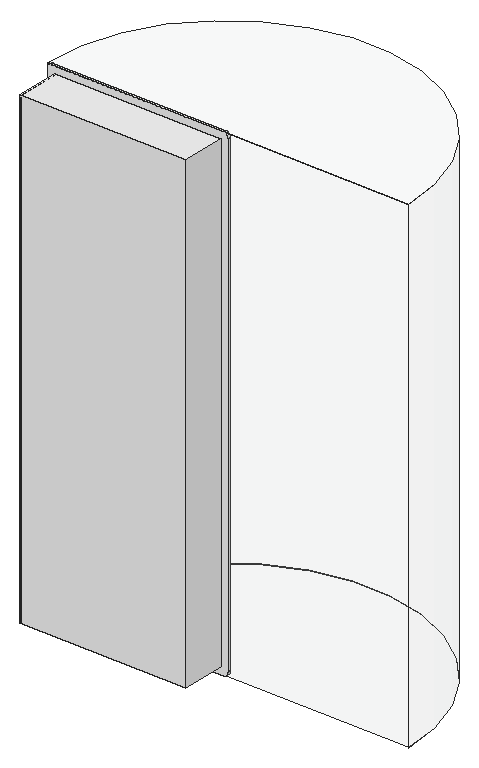
Revit family "Electrical_Equipment-Network-Leviton-MetalSME", category Electrical Equipment, host Wall, Revit 2024
Family settings
  Host = Wall
  Round Connector Dimension = Use Diameter
  Part Type = Other Panel
  Always vertical = Yes
  Cut with Voids When Loaded = Yes
  Maintain Annotation Orientation = No
  Shared = No
  Room Calculation Point = No
Parameters (values of type "42"")
  z Vents are Visible [instance] = and(Cover or Door is Visible, Premium Vented Door)  # yes
  z Leviton Type = 2
  Width = 15.62"  # constant formula
  URL = "http://www.leviton.com/OA_HTML/SectionDisplay.jsp?section=37665&minisite=10251"
  UPC Code = ""
  Technical Support Phone Number = "1-800-824-3005"  # constant formula
  Serial Number = ""
  Provide Feedback = ""
  Product Page = "http://www.leviton.com/en/products/connected-home/structured-media-enclosures/enclosures-covers-doors"
  Premium Vented Door [instance] = yes
  Power Source Type = ""
  Point of Shipment = ""
  Mounting Depth [instance] = 0.00"
  Model Disclaimer = "http://www.leviton.com/BIMTERMS"
  Model = "See Product Page"  # constant formula
  MasterFormat Number = ""
  Manufacturer = "Leviton"  # constant formula
  Label ID = ""
  Is Provided by Others = no
  Height = if(z Leviton Type = 0, 15.35", if(z Leviton Type = 1, 28.10", if(z Leviton Type = 2, 42.10", 30.00")))  # 42.10"
  Family Version = "1.0.0"  # constant formula
  Equipment Type = ""
  Equipment Abbreviation = "MSME"  # constant formula
  Description = "Structured Media Enclosure, 42 in."
  Default Elevation = 0.00"
  Date Last Modified = "March 30, 2017"  # constant formula
  Cover or Door is Visible [instance] = yes
  Copyright = "Copyright © 2012-2017 Leviton Manufacturing Co., Inc."  # constant formula
  Check for Latest Version = "leviton.com/bim"
  Category Rating = ""
  Area Served = ""
Types (4): name | z Leviton Type | Mounting Depth | Height | Description
  (no name) | 2 | 0.00" | 42.10" | "Structured Media Enclosure, 42 in."
  14" | 0 | 0.10" | 15.35" | "Structured Media Enclosure, 14 in."
  28" | 1 | 0.10" | 28.10" | "Structured Media Enclosure, 28 in."
  42" | 2 | 0.00" | 42.10" | "Structured Media Enclosure, 42 in."
Reference planes (in)
  plane 1: y = 0
  plane 2 "Center (Left/Right)": x = 0
  plane 3 "Wall Edge": y = 3
  plane 4 "Right": x = -7.81
  plane 5 "Left": x = 7.81
  plane 6 "Bottom": z = 17.9
  plane 7 "Top": z = 60
  plane 8 "Front": y = 3
  plane 9 "Back": y = -0.81
  plane 10: x = 7.15
  plane 11: x = -7.15
  plane 12 "Internal Mounting Surface": y = -0.774
  plane 13: z = 38.95
  plane 14 "Front of Door": y = 3.2
Forms (in)
  Extrusion 1, solid, material "Powder Coated Metal - Leviton - White"
    sketch origin (0, 3, 0) x (0, 0, 1) y (-1, 0, 0)
      loop
        line (59.38, -7.15) -> (59.38, 7.15) -> (18.52, 7.15) -> (18.52, -7.15) -> (59.38, -7.15)
    from 0 to 3.81
  Extrusion 2, void
    sketch origin (0, 3, 0) x (0, 0, 1) y (-1, 0, 0)
      loop
        line (59.34, 7.11) -> (18.56, 7.11) -> (18.56, -7.11) -> (59.34, -7.11) -> (59.34, 7.11)
    from 0 to 3.774
  Extrusion 3, solid, material "Clearance Areas - Leviton", visible <- "Cover or Door is Visible"
    sketch origin (1.66422, 1.78443, 0) x (1, 0, 0) y (0, 1, 0)
      loop
        line (-9.47422, 1.21557) -> (21.76578, 1.21557)
        arc (21.76578, 1.21557) -> (6.14578, 16.83557) -> (-9.47422, 1.21557) r 15.62
    from 17.9 to 60
  Extrusion 4, void
    sketch origin (0, 3, 0) x (0, 0, 1) y (-1, 0, 0)
      loop
        line (59.38, -7.15) -> (59.38, 7.15) -> (18.52, 7.15) -> (18.52, -7.15) -> (59.38, -7.15)
    from 0 to 3.81
  Extrusion 5, solid, material "Powder Coated Metal - Leviton - White", visible <- "Cover or Door is Visible"
    sketch origin (0, 3, 0) x (0, 0, 1) y (-1, 0, 0)
      loop
        line (60, -7.41) -> (60, 7.41)
        arc (60, 7.41) -> (59.88284, 7.69284) -> (59.6, 7.81) r 0.4
        line (59.6, 7.81) -> (18.3, 7.81)
        arc (18.3, 7.81) -> (18.01716, 7.69284) -> (17.9, 7.41) r 0.4
        line (17.9, 7.41) -> (17.9, -7.41)
        arc (17.9, -7.41) -> (18.01716, -7.69284) -> (18.3, -7.81) r 0.4
        line (18.3, -7.81) -> (59.6, -7.81)
        arc (59.6, -7.81) -> (59.88284, -7.69284) -> (60, -7.41) r 0.4
    from 0 to -0.2
Cuts and joins
  Extrusion 2 cuts Extrusion 1
  Extrusion 4 cuts Extrusion 3
Lines and regions (in)
  model lines, style "Enclosure", visible <- "z Vents are Visible", detail levels medium+fine
    curve 1: line (2.25, 3.2, 58.5) -> (0.25, 3.2, 58.5)
    curve 2: line (2.25, 3.2, 58.414) -> (2.25, 3.2, 58.5)
    curve 3: line (0.25, 3.2, 58.414) -> (2.25, 3.2, 58.414)
    curve 4: line (0.25, 3.2, 58.5) -> (0.25, 3.2, 58.414)
    curve 5: line (2.25, 3.2, 58.25) -> (0.25, 3.2, 58.25)
    curve 6: line (2.25, 3.2, 58.164) -> (2.25, 3.2, 58.25)
    curve 7: line (0.25, 3.2, 58.164) -> (2.25, 3.2, 58.164)
    curve 8: line (0.25, 3.2, 58.25) -> (0.25, 3.2, 58.164)
    curve 9: line (2.25, 3.2, 58) -> (0.25, 3.2, 58)
    curve 10: line (2.25, 3.2, 57.914) -> (2.25, 3.2, 58)
    curve 11: line (0.25, 3.2, 57.914) -> (2.25, 3.2, 57.914)
    curve 12: line (0.25, 3.2, 58) -> (0.25, 3.2, 57.914)
    curve 13: line (2.25, 3.2, 57.75) -> (0.25, 3.2, 57.75)
    curve 14: line (2.25, 3.2, 57.664) -> (2.25, 3.2, 57.75)
    curve 15: line (0.25, 3.2, 57.664) -> (2.25, 3.2, 57.664)
    curve 16: line (0.25, 3.2, 57.75) -> (0.25, 3.2, 57.664)
    curve 17: line (2.25, 3.2, 57.5) -> (0.25, 3.2, 57.5)
    curve 18: line (2.25, 3.2, 57.414) -> (2.25, 3.2, 57.5)
    curve 19: line (0.25, 3.2, 57.414) -> (2.25, 3.2, 57.414)
    curve 20: line (0.25, 3.2, 57.5) -> (0.25, 3.2, 57.414)
    curve 21: line (2.25, 3.2, 57.25) -> (0.25, 3.2, 57.25)
    curve 22: line (2.25, 3.2, 57.164) -> (2.25, 3.2, 57.25)
    curve 23: line (0.25, 3.2, 57.164) -> (2.25, 3.2, 57.164)
    curve 24: line (0.25, 3.2, 57.25) -> (0.25, 3.2, 57.164)
    curve 25: line (2.25, 3.2, 57) -> (0.25, 3.2, 57)
    curve 26: line (2.25, 3.2, 56.914) -> (2.25, 3.2, 57)
    curve 27: line (0.25, 3.2, 56.914) -> (2.25, 3.2, 56.914)
    curve 28: line (0.25, 3.2, 57) -> (0.25, 3.2, 56.914)
    curve 29: line (2.25, 3.2, 56.75) -> (0.25, 3.2, 56.75)
    curve 30: line (2.25, 3.2, 56.664) -> (2.25, 3.2, 56.75)
    curve 31: line (0.25, 3.2, 56.664) -> (2.25, 3.2, 56.664)
    curve 32: line (0.25, 3.2, 56.75) -> (0.25, 3.2, 56.664)
    curve 33: line (2.25, 3.2, 56.5) -> (0.25, 3.2, 56.5)
    curve 34: line (2.25, 3.2, 56.414) -> (2.25, 3.2, 56.5)
    curve 35: line (0.25, 3.2, 56.414) -> (2.25, 3.2, 56.414)
    curve 36: line (0.25, 3.2, 56.5) -> (0.25, 3.2, 56.414)
    curve 37: line (-2.25, 3.2, 58.5) -> (-0.25, 3.2, 58.5)
    curve 38: line (-2.25, 3.2, 58.414) -> (-2.25, 3.2, 58.5)
    curve 39: line (-0.25, 3.2, 58.414) -> (-2.25, 3.2, 58.414)
    curve 40: line (-0.25, 3.2, 58.5) -> (-0.25, 3.2, 58.414)
    curve 41: line (-2.25, 3.2, 58.25) -> (-0.25, 3.2, 58.25)
    curve 42: line (-2.25, 3.2, 58.164) -> (-2.25, 3.2, 58.25)
    curve 43: line (-0.25, 3.2, 58.164) -> (-2.25, 3.2, 58.164)
    curve 44: line (-0.25, 3.2, 58.25) -> (-0.25, 3.2, 58.164)
    curve 45: line (-2.25, 3.2, 58) -> (-0.25, 3.2, 58)
    curve 46: line (-2.25, 3.2, 57.914) -> (-2.25, 3.2, 58)
    curve 47: line (-0.25, 3.2, 57.914) -> (-2.25, 3.2, 57.914)
    curve 48: line (-0.25, 3.2, 58) -> (-0.25, 3.2, 57.914)
    curve 49: line (-2.25, 3.2, 57.75) -> (-0.25, 3.2, 57.75)
    curve 50: line (-2.25, 3.2, 57.664) -> (-2.25, 3.2, 57.75)
    curve 51: line (-0.25, 3.2, 57.664) -> (-2.25, 3.2, 57.664)
    curve 52: line (-0.25, 3.2, 57.75) -> (-0.25, 3.2, 57.664)
    curve 53: line (-2.25, 3.2, 57.5) -> (-0.25, 3.2, 57.5)
    curve 54: line (-2.25, 3.2, 57.414) -> (-2.25, 3.2, 57.5)
    curve 55: line (-0.25, 3.2, 57.414) -> (-2.25, 3.2, 57.414)
    curve 56: line (-0.25, 3.2, 57.5) -> (-0.25, 3.2, 57.414)
    curve 57: line (-2.25, 3.2, 57.25) -> (-0.25, 3.2, 57.25)
    curve 58: line (-2.25, 3.2, 57.164) -> (-2.25, 3.2, 57.25)
    curve 59: line (-0.25, 3.2, 57.164) -> (-2.25, 3.2, 57.164)
    curve 60: line (-0.25, 3.2, 57.25) -> (-0.25, 3.2, 57.164)
    curve 61: line (-2.25, 3.2, 57) -> (-0.25, 3.2, 57)
    curve 62: line (-2.25, 3.2, 56.914) -> (-2.25, 3.2, 57)
    curve 63: line (-0.25, 3.2, 56.914) -> (-2.25, 3.2, 56.914)
    curve 64: line (-0.25, 3.2, 57) -> (-0.25, 3.2, 56.914)
    curve 65: line (-2.25, 3.2, 56.75) -> (-0.25, 3.2, 56.75)
    curve 66: line (-2.25, 3.2, 56.664) -> (-2.25, 3.2, 56.75)
    curve 67: line (-0.25, 3.2, 56.664) -> (-2.25, 3.2, 56.664)
    curve 68: line (-0.25, 3.2, 56.75) -> (-0.25, 3.2, 56.664)
    curve 69: line (-2.25, 3.2, 56.5) -> (-0.25, 3.2, 56.5)
    curve 70: line (-2.25, 3.2, 56.414) -> (-2.25, 3.2, 56.5)
    curve 71: line (-0.25, 3.2, 56.414) -> (-2.25, 3.2, 56.414)
    curve 72: line (-0.25, 3.2, 56.5) -> (-0.25, 3.2, 56.414)
    curve 73: line (2.25, 3.2, 19.4) -> (0.25, 3.2, 19.4)
    curve 74: line (2.25, 3.2, 19.486) -> (2.25, 3.2, 19.4)
    curve 75: line (0.25, 3.2, 19.486) -> (2.25, 3.2, 19.486)
    curve 76: line (0.25, 3.2, 19.4) -> (0.25, 3.2, 19.486)
    curve 77: line (2.25, 3.2, 19.65) -> (0.25, 3.2, 19.65)
    curve 78: line (2.25, 3.2, 19.736) -> (2.25, 3.2, 19.65)
    curve 79: line (0.25, 3.2, 19.736) -> (2.25, 3.2, 19.736)
    curve 80: line (0.25, 3.2, 19.65) -> (0.25, 3.2, 19.736)
    curve 81: line (2.25, 3.2, 19.9) -> (0.25, 3.2, 19.9)
    curve 82: line (2.25, 3.2, 19.986) -> (2.25, 3.2, 19.9)
    curve 83: line (0.25, 3.2, 19.986) -> (2.25, 3.2, 19.986)
    curve 84: line (0.25, 3.2, 19.9) -> (0.25, 3.2, 19.986)
    curve 85: line (2.25, 3.2, 20.15) -> (0.25, 3.2, 20.15)
    curve 86: line (2.25, 3.2, 20.236) -> (2.25, 3.2, 20.15)
    curve 87: line (0.25, 3.2, 20.236) -> (2.25, 3.2, 20.236)
    curve 88: line (0.25, 3.2, 20.15) -> (0.25, 3.2, 20.236)
    curve 89: line (2.25, 3.2, 20.4) -> (0.25, 3.2, 20.4)
    curve 90: line (2.25, 3.2, 20.486) -> (2.25, 3.2, 20.4)
    curve 91: line (0.25, 3.2, 20.486) -> (2.25, 3.2, 20.486)
    curve 92: line (0.25, 3.2, 20.4) -> (0.25, 3.2, 20.486)
    curve 93: line (2.25, 3.2, 20.65) -> (0.25, 3.2, 20.65)
    curve 94: line (2.25, 3.2, 20.736) -> (2.25, 3.2, 20.65)
    curve 95: line (0.25, 3.2, 20.736) -> (2.25, 3.2, 20.736)
    curve 96: line (0.25, 3.2, 20.65) -> (0.25, 3.2, 20.736)
    curve 97: line (2.25, 3.2, 20.9) -> (0.25, 3.2, 20.9)
    curve 98: line (2.25, 3.2, 20.986) -> (2.25, 3.2, 20.9)
    curve 99: line (0.25, 3.2, 20.986) -> (2.25, 3.2, 20.986)
    curve 100: line (0.25, 3.2, 20.9) -> (0.25, 3.2, 20.986)
    curve 101: line (2.25, 3.2, 21.15) -> (0.25, 3.2, 21.15)
    curve 102: line (2.25, 3.2, 21.236) -> (2.25, 3.2, 21.15)
    curve 103: line (0.25, 3.2, 21.236) -> (2.25, 3.2, 21.236)
    curve 104: line (0.25, 3.2, 21.15) -> (0.25, 3.2, 21.236)
    curve 105: line (2.25, 3.2, 21.4) -> (0.25, 3.2, 21.4)
    curve 106: line (2.25, 3.2, 21.486) -> (2.25, 3.2, 21.4)
    curve 107: line (0.25, 3.2, 21.486) -> (2.25, 3.2, 21.486)
    curve 108: line (0.25, 3.2, 21.4) -> (0.25, 3.2, 21.486)
    curve 109: line (-2.25, 3.2, 19.4) -> (-0.25, 3.2, 19.4)
    curve 110: line (-2.25, 3.2, 19.486) -> (-2.25, 3.2, 19.4)
    curve 111: line (-0.25, 3.2, 19.486) -> (-2.25, 3.2, 19.486)
    curve 112: line (-0.25, 3.2, 19.4) -> (-0.25, 3.2, 19.486)
    curve 113: line (-2.25, 3.2, 19.65) -> (-0.25, 3.2, 19.65)
    curve 114: line (-2.25, 3.2, 19.736) -> (-2.25, 3.2, 19.65)
    curve 115: line (-0.25, 3.2, 19.736) -> (-2.25, 3.2, 19.736)
    curve 116: line (-0.25, 3.2, 19.65) -> (-0.25, 3.2, 19.736)
    curve 117: line (-2.25, 3.2, 19.9) -> (-0.25, 3.2, 19.9)
    curve 118: line (-2.25, 3.2, 19.986) -> (-2.25, 3.2, 19.9)
    curve 119: line (-0.25, 3.2, 19.986) -> (-2.25, 3.2, 19.986)
    curve 120: line (-0.25, 3.2, 19.9) -> (-0.25, 3.2, 19.986)
    curve 121: line (-2.25, 3.2, 20.15) -> (-0.25, 3.2, 20.15)
    curve 122: line (-2.25, 3.2, 20.236) -> (-2.25, 3.2, 20.15)
    curve 123: line (-0.25, 3.2, 20.236) -> (-2.25, 3.2, 20.236)
    curve 124: line (-0.25, 3.2, 20.15) -> (-0.25, 3.2, 20.236)
    curve 125: line (-2.25, 3.2, 20.4) -> (-0.25, 3.2, 20.4)
    curve 126: line (-2.25, 3.2, 20.486) -> (-2.25, 3.2, 20.4)
    curve 127: line (-0.25, 3.2, 20.486) -> (-2.25, 3.2, 20.486)
    curve 128: line (-0.25, 3.2, 20.4) -> (-0.25, 3.2, 20.486)
    curve 129: line (-2.25, 3.2, 20.65) -> (-0.25, 3.2, 20.65)
    curve 130: line (-2.25, 3.2, 20.736) -> (-2.25, 3.2, 20.65)
    curve 131: line (-0.25, 3.2, 20.736) -> (-2.25, 3.2, 20.736)
    curve 132: line (-0.25, 3.2, 20.65) -> (-0.25, 3.2, 20.736)
    curve 133: line (-2.25, 3.2, 20.9) -> (-0.25, 3.2, 20.9)
    curve 134: line (-2.25, 3.2, 20.986) -> (-2.25, 3.2, 20.9)
    curve 135: line (-0.25, 3.2, 20.986) -> (-2.25, 3.2, 20.986)
    curve 136: line (-0.25, 3.2, 20.9) -> (-0.25, 3.2, 20.986)
    curve 137: line (-2.25, 3.2, 21.15) -> (-0.25, 3.2, 21.15)
    curve 138: line (-2.25, 3.2, 21.236) -> (-2.25, 3.2, 21.15)
    curve 139: line (-0.25, 3.2, 21.236) -> (-2.25, 3.2, 21.236)
    curve 140: line (-0.25, 3.2, 21.15) -> (-0.25, 3.2, 21.236)
    curve 141: line (-2.25, 3.2, 21.4) -> (-0.25, 3.2, 21.4)
    curve 142: line (-2.25, 3.2, 21.486) -> (-2.25, 3.2, 21.4)
    curve 143: line (-0.25, 3.2, 21.486) -> (-2.25, 3.2, 21.486)
    curve 144: line (-0.25, 3.2, 21.4) -> (-0.25, 3.2, 21.486)
Text (in)
  text "Placement Side" at (0, 40.15149, 123.01588), in view "Right"
  text "Placement Side" at (-70.3804, 28.46503, 0), in view "Ref. Level"
  text "Placement Side" at (0, 81.62555, 140.59947), in view "Left"
Dimensions and locks (in)
  locked: plane 3 "Wall Edge" to host wall
  equal spacing: plane 4 "Right", plane 2 "Center (Left/Right)", plane 5 "Left"
  equal spacing: plane 11, plane 2 "Center (Left/Right)", plane 10
  plane 11 to plane 10 = 14.30"
  "Mounting Depth": plane 3 "Wall Edge" to plane 8 "Front"
  locked: plane 9 "Back" to plane 8 "Front" at 3.81
  plane 9 "Back" to plane 12 "Internal Mounting Surface" = 0.036"
  plane 9 "Back" to host wall = 0.81"
  "Height": plane 6 "Bottom" to plane 7 "Top"
  plane 7 "Top" to level = 60.00"
  "Width": plane 5 "Left" to plane 4 "Right"
  equal spacing: plane 6 "Bottom", plane 13, plane 7 "Top"
  Extrusion 1 sketch curve to plane 7 "Top" = 0.62"
  plane 6 "Bottom" to Extrusion 1 sketch curve = 0.62"
  locked: plane 8 "Front" to plane 14 "Front of Door" at 0.2
  aligned and locked: host wall to level
  aligned and locked: Extrusion 1 sketch curve to plane 10
  aligned and locked: Extrusion 1 sketch curve to plane 11
  aligned and locked: plane 12 "Internal Mounting Surface" to Extrusion 2
  aligned and locked: Extrusion 1 to plane 9 "Back"
  aligned and locked: Extrusion 1 to plane 8 "Front"
  aligned and locked: Extrusion 4 to plane 9 "Back"
  aligned and locked: host wall to Extrusion 4
  aligned and locked: plane 14 "Front of Door" to Extrusion 5
  aligned and locked: plane 7 "Top" to Extrusion 3
  aligned and locked: Extrusion 3 to plane 6 "Bottom"
Automatic sketch dimensions
  plane 6 "Bottom" to Extrusion 2 sketch curve = 0.66"
  Extrusion 2 sketch curve to plane 7 "Top" = 0.66"
  Extrusion 2 sketch curve to plane 5 "Left" = 0.70"
  plane 4 "Right" to Extrusion 2 sketch curve = 0.70"
  plane 6 "Bottom" to Extrusion 4 sketch curve = 0.62"
  Extrusion 4 sketch curve to plane 7 "Top" = 0.62"
  Extrusion 4 sketch curve to plane 5 "Left" = 0.66"
  plane 4 "Right" to Extrusion 4 sketch curve = 0.66"
  plane 2 "Center (Left/Right)" to curve 1 = 2.25"
  plane 2 "Center (Left/Right)" to curve 107 = 2.25"
  curve 5 to curve 2 = 0.00"
  curve 103 to curve 105 = 0.00"
  curve 9 to curve 6 = 0.00"
  curve 99 to curve 101 = 0.00"
  curve 13 to curve 10 = 0.00"
  curve 95 to curve 97 = 0.00"
  curve 17 to curve 14 = 0.00"
  curve 91 to curve 93 = 0.00"
  curve 21 to curve 18 = 0.00"
  curve 87 to curve 89 = 0.00"
  curve 25 to curve 22 = 0.00"
  curve 83 to curve 85 = 0.00"
  curve 29 to curve 26 = 0.00"
  curve 79 to curve 81 = 0.00"
  curve 33 to curve 30 = 0.00"
  curve 75 to curve 77 = 0.00"
  plane 2 "Center (Left/Right)" to curve 91 = 0.25"
  plane 2 "Center (Left/Right)" to curve 108 = 0.25"
  plane 2 "Center (Left/Right)" to curve 1 = 0.25"
  curve 104 to curve 105 = 0.00"
  curve 5 to curve 3 = 0.00"
  curve 100 to curve 101 = 0.00"
  curve 9 to curve 7 = 0.00"
  curve 96 to curve 97 = 0.00"
  curve 13 to curve 11 = 0.00"
  curve 17 to curve 15 = 0.00"
  curve 88 to curve 89 = 0.00"
  curve 21 to curve 19 = 0.00"
  curve 84 to curve 85 = 0.00"
  curve 25 to curve 23 = 0.00"
  curve 80 to curve 81 = 0.00"
  curve 29 to curve 27 = 0.00"
  curve 76 to curve 77 = 0.00"
  curve 33 to curve 31 = 0.00"
  curve 72 to plane 2 "Center (Left/Right)" = 0.25"
  curve 109 to plane 2 "Center (Left/Right)" = 0.25"
  curve 69 to curve 68 = 0.00"
  curve 111 to curve 113 = 0.00"
  curve 65 to curve 64 = 0.00"
  curve 115 to curve 117 = 0.00"
  curve 61 to curve 60 = 0.00"
  curve 119 to curve 121 = 0.00"
  curve 57 to curve 56 = 0.00"
  curve 123 to curve 125 = 0.00"
  curve 144 to plane 2 "Center (Left/Right)" = 0.25"
  curve 53 to curve 52 = 0.00"
  curve 127 to curve 129 = 0.00"
  curve 49 to curve 48 = 0.00"
  curve 131 to curve 133 = 0.00"
  curve 45 to curve 44 = 0.00"
  curve 135 to curve 137 = 0.00"
  curve 41 to curve 40 = 0.00"
  curve 109 to curve 109 = 2.00"
  curve 71 to curve 71 = 2.00"
  curve 110 to curve 113 = 0.00"
  curve 69 to curve 67 = 0.00"
  curve 114 to curve 117 = 0.00"
  curve 65 to curve 63 = 0.00"
  curve 118 to curve 121 = 0.00"
  curve 61 to curve 59 = 0.00"
  curve 122 to curve 125 = 0.00"
  curve 57 to curve 55 = 0.00"
  curve 126 to curve 129 = 0.00"
  curve 53 to curve 51 = 0.00"
  curve 130 to curve 133 = 0.00"
  curve 49 to curve 47 = 0.00"
  curve 134 to curve 137 = 0.00"
  curve 45 to curve 43 = 0.00"
  curve 138 to curve 141 = 0.00"
  curve 41 to curve 39 = 0.00"
  plane 6 "Bottom" to curve 73 = 1.50"
  plane 6 "Bottom" to curve 109 = 1.50"
  curve 109 to curve 111 = 0.086"
  curve 73 to curve 74 = 0.086"
  curve 74 to curve 78 = 0.164"
  curve 110 to curve 113 = 0.164"
  curve 77 to curve 79 = 0.086"
  curve 113 to curve 115 = 0.086"
  curve 78 to curve 82 = 0.164"
  curve 114 to curve 117 = 0.164"
  curve 81 to curve 83 = 0.086"
  curve 117 to curve 119 = 0.086"
  curve 83 to curve 85 = 0.164"
  curve 118 to curve 122 = 0.164"
  curve 85 to curve 87 = 0.086"
  curve 121 to curve 124 = 0.086"
  curve 87 to curve 92 = 0.164"
  curve 122 to curve 125 = 0.164"
  curve 89 to curve 91 = 0.086"
  curve 125 to curve 126 = 0.086"
  curve 91 to curve 93 = 0.164"
  curve 126 to curve 129 = 0.164"
  curve 129 to curve 130 = 0.086"
  curve 93 to curve 94 = 0.086"
  curve 94 to curve 97 = 0.164"
  curve 130 to curve 134 = 0.164"
  curve 133 to curve 134 = 0.086"
  curve 97 to curve 100 = 0.086"
  curve 134 to curve 138 = 0.164"
  curve 99 to curve 101 = 0.164"
  curve 137 to curve 140 = 0.086"
  curve 101 to curve 104 = 0.086"
  curve 103 to curve 105 = 0.164"
  curve 138 to curve 141 = 0.164"
  curve 141 to curve 143 = 0.086"
  curve 105 to curve 107 = 0.086"
  curve 72 to plane 7 "Top" = 3.586"
  curve 34 to curve 71 = 0.00"
  curve 34 to curve 34 = 0.086"
  curve 71 to curve 69 = 0.086"
  curve 33 to curve 31 = 0.164"
  curve 69 to curve 66 = 0.164"
  curve 30 to curve 30 = 0.086"
  curve 66 to curve 65 = 0.086"
  curve 65 to curve 64 = 0.164"
  curve 29 to curve 26 = 0.164"
  curve 26 to curve 26 = 0.086"
  curve 62 to curve 62 = 0.086"
  curve 61 to curve 59 = 0.164"
  curve 25 to curve 23 = 0.164"
  curve 22 to curve 22 = 0.086"
  curve 58 to curve 57 = 0.086"
  curve 21 to curve 20 = 0.164"
  curve 57 to curve 55 = 0.164"
  curve 55 to curve 56 = 0.086"
  curve 18 to curve 18 = 0.086"
  curve 53 to curve 52 = 0.164"
  curve 17 to curve 15 = 0.164"
  curve 51 to curve 52 = 0.086"
  curve 14 to curve 14 = 0.086"
  curve 13 to curve 12 = 0.164"
  curve 49 to curve 47 = 0.164"
  curve 10 to curve 9 = 0.086"
  curve 46 to curve 45 = 0.086"
  curve 45 to curve 43 = 0.164"
  curve 9 to curve 7 = 0.164"
  curve 6 to curve 6 = 0.086"
  curve 43 to curve 44 = 0.086"
  curve 41 to curve 40 = 0.164"
  curve 5 to curve 3 = 0.164"
  curve 3 to curve 4 = 0.086"
  curve 38 to curve 37 = 0.086"
  Extrusion 5 sketch curve to plane 6 "Bottom" = 0.00"
  Extrusion 5 sketch curve to plane 5 "Left" = 0.00"
  Extrusion 5 sketch curve to plane 4 "Right" = 0.00"
  Extrusion 5 sketch curve to plane 7 "Top" = 0.00"
  plane 6 "Bottom" to Extrusion 5 sketch curve = 0.40"  (x2)
  Extrusion 5 sketch curve to plane 5 "Left" = 0.40"
  Extrusion 5 sketch curve to Extrusion 5 sketch curve = 0.40"
  Extrusion 3 sketch curve to plane 4 "Right" = 0.00"
  Extrusion 3 sketch curve to plane 5 "Left" = 0.00"
  plane 8 "Front" to Extrusion 3 sketch curve = 0.00"
Connectors (in)
  electrical at (0, 3, 56.15)
    settings: index 1, voltage 0 V, apparent load 0 VA, apparent load phase1 0 VA, apparent load phase2 0 VA, apparent load phase3 0 VA, power factor 1, load classification "Other", number of poles 1, system type 5, power factor state 1, is connector primary yes, connector utility no, sub classification motor no, connector description ""
